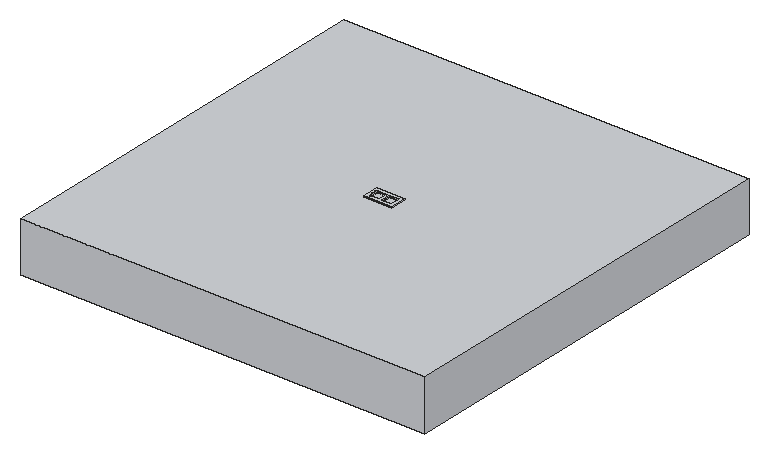
Revit family "Gira_0212112", category Elektroinstallationen, Revit 2017
Family settings
  Basisbauteil = Fläche
  Beschriftungsausrichtung beibehalten = Nein
  Bemaßung runder Anschluss = Durchmesser verwenden
  Teiletyp = Normal
  Beim Laden mit Abzugskörper schneiden = Nein
  Gemeinsam genutzt = Nein
  Raumberechnungspunkt = Nein
Parameters
  With mounting grid = no
  With hinged lid = no
  URL = "https://www.gira.de/"
  Typname = "Cov.fr. 2-g Gira F100 p.white"
  Type of fastening = "Clamp mounting"
  Transparent = no
  Surface protection = "Other"
  Surface finishing = "Glossy"
  Suitable for wall duct = no
  Suitable for flush-mounted installation = yes
  Suitable for floor box = no
  Suitable for built-in installation = no
  RAL-number (akin) = 9010
  Productwebsite = "http://katalog.gira.de/en/datenblatt.html?artikelnr=0212112"
  Number of units vertical = 2
  Number of units horizontal = 2
  Number of units = 2
  Mounting direction = "Horizontal and vertical"
  Material quality = "Thermoplastic"
  Material = "Plastic"
  Label space/information surface = no
  Hersteller = "Gira"
  Halogen free = yes
  HAN = "0212112"
  GTIN = "4010337044017"
  Degree of protection (IP) = "IP20"
  Data sheet = "https://katalog.gira.de/en/download.html?artikelnr=0212112"
  Colour = "White"
  Beschreibung = "Cov.fr.2g F100 PW,Gira F100 cover frame,pure white glossy,2-gang,Features:,- Shatter-proof.,,Notes :,- In conjunction with a sealing flange, also suitable for installation as water-protected flush-mounted IP44."
  Keynote = ""
  Default Elevation = 1219.2 mm
  BIM = "https://media.stage.bim.site/public/gira/ad86d9f/Espr._Rahmen_2fach.rfa"
Reference planes
  plane 1 "Center (Front/Back)": y = 0
  plane 2: z = 0
  plane 3 "Center (Left/Right)": x = 0
Forms (mm)
  Extrusion 1, solid
    sketch origin (0, 0, 0) x (1, 0, 0) y (0, 1, 0)
      loop
        line (-1219.2, 1219.2) -> (-1219.2, -1219.2) -> (1219.2, -1219.2) -> (1219.2, 1219.2) -> (-1219.2, 1219.2)
    from 0 to -304.8
  Extrusion 2, solid, detail levels fine
    sketch origin (0, 0, 0) x (1, 0, 0) y (0, 1, 0)
      loop
        line (-83, 47.5) -> (-83, -47.5) -> (83, -47.5) -> (83, 47.5) -> (-83, 47.5)
      loop
        arc (-63.75, -26.7) -> (-63.311, -27.761) -> (-62.25, -28.2) r 1.5
        line (-62.25, -28.2) -> (-8.85, -28.2)
        arc (-8.85, -28.2) -> (-7.789, -27.761) -> (-7.35, -26.7) r 1.5
        line (-7.35, -26.7) -> (-7.35, 26.7)
        arc (-7.35, 26.7) -> (-7.789, 27.761) -> (-8.85, 28.2) r 1.5
        line (-8.85, 28.2) -> (-62.25, 28.2)
        arc (-62.25, 28.2) -> (-63.311, 27.761) -> (-63.75, 26.7) r 1.5
        line (-63.75, 26.7) -> (-63.75, -26.7)
      loop
        line (63.75, -26.7) -> (63.75, 26.7)
        arc (63.75, 26.7) -> (63.311, 27.761) -> (62.25, 28.2) r 1.5
        line (62.25, 28.2) -> (8.85, 28.2)
        arc (8.85, 28.2) -> (7.789, 27.761) -> (7.35, 26.7) r 1.5
        line (7.35, 26.7) -> (7.35, -26.7)
        arc (7.35, -26.7) -> (7.789, -27.761) -> (8.85, -28.2) r 1.5
        line (8.85, -28.2) -> (62.25, -28.2)
        arc (62.25, -28.2) -> (63.311, -27.761) -> (63.75, -26.7) r 1.5
    from 0 to 6
  Extrusion 3, solid, detail levels fine
    sketch origin (0, 0, 0) x (1, 0, 0) y (0, 1, 0)
      loop
        line (-61.45, -25.7) -> (-9.65, -25.7) -> (-9.65, 25.7) -> (-61.45, 25.7) -> (-61.45, -25.7)
      loop
        line (61.45, 25.7) -> (9.65, 25.7) -> (9.65, -25.7) -> (61.45, -25.7) -> (61.45, 25.7)
      loop
        arc (-78.454, -41.3) -> (-77.927, -42.573) -> (-76.654, -43.1) r 1.8
        line (-76.654, -43.1) -> (76.654, -43.1)
        arc (76.654, -43.1) -> (77.927, -42.573) -> (78.454, -41.3) r 1.8
        line (78.454, -41.3) -> (78.454, 41.3)
        arc (78.454, 41.3) -> (77.927, 42.573) -> (76.654, 43.1) r 1.8
        line (76.654, 43.1) -> (-76.654, 43.1)
        arc (-76.654, 43.1) -> (-77.927, 42.573) -> (-78.454, 41.3) r 1.8
        line (-78.454, 41.3) -> (-78.454, -41.3)
    from -1.9 to 0
  Extrusion 4, solid, detail levels fine
    sketch origin (0, 0, 0) x (1, 0, 0) y (0, 1, 0)
      loop
        arc (-76.75, 44.4) -> (-78.871, 43.521) -> (-79.75, 41.4) r 3
        line (-79.75, 41.4) -> (-79.75, -41.4)
        arc (-79.75, -41.4) -> (-78.871, -43.521) -> (-76.75, -44.4) r 3
        line (-76.75, -44.4) -> (76.75, -44.4)
        arc (76.75, -44.4) -> (78.871, -43.521) -> (79.75, -41.4) r 3
        line (79.75, -41.4) -> (79.75, 41.4)
        arc (79.75, 41.4) -> (78.871, 43.521) -> (76.75, 44.4) r 3
        line (76.75, 44.4) -> (-76.75, 44.4)
      loop
        arc (-78.55, -41.4) -> (-78.023, -42.673) -> (-76.75, -43.2) r 1.8
        line (-76.75, -43.2) -> (76.75, -43.2)
        arc (76.75, -43.2) -> (78.023, -42.673) -> (78.55, -41.4) r 1.8
        line (78.55, -41.4) -> (78.55, 41.4)
        arc (78.55, 41.4) -> (78.023, 42.673) -> (76.75, 43.2) r 1.8
        line (76.75, 43.2) -> (-76.75, 43.2)
        arc (-76.75, 43.2) -> (-78.023, 42.673) -> (-78.55, 41.4) r 1.8
        line (-78.55, 41.4) -> (-78.55, -41.4)
    from -3.7 to 0
  Extrusion 5, solid, detail levels medium
    sketch origin (0, 0, 0) x (1, 0, 0) y (0, 1, 0)
      loop
        line (-83, 47.5) -> (-83, -47.5) -> (83, -47.5) -> (83, 47.5) -> (-83, 47.5)
    from 0 to 6
  Extrusion 6, solid, detail levels medium
    sketch origin (0, 0, 0) x (1, 0, 0) y (0, 1, 0)
      loop
        line (-79.75, 44.4) -> (-79.75, -44.4) -> (79.75, -44.4) -> (79.75, 44.4) -> (-79.75, 44.4)
    from -3.7 to 0
  Extrusion 7, solid, detail levels coarse
    sketch origin (0, 0, 0) x (1, 0, 0) y (0, 1, 0)
      loop
        line (-83, 47.5) -> (-83, -47.5) -> (83, -47.5) -> (83, 47.5) -> (-83, 47.5)
    from -3.7 to 6
Dimensions and locks
  aligned and locked: plane 2 to Extrusion 1
  aligned and locked: level to Extrusion 1
